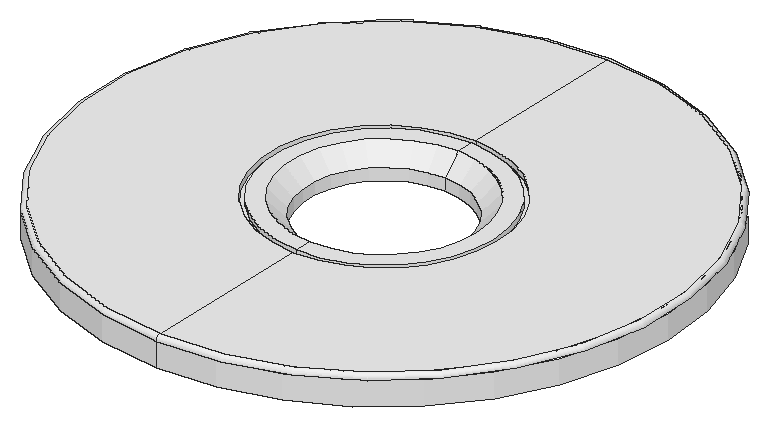
Revit family "Trim-Modern_Dots-Waterworks-Universal-Thermostatic_Valveq", category Plumbing Fixtures, host Face, Revit 2014
Parameters (values of type "NOT A TYPE - Load Type Catalog")
  Width = Height  # 0' - 3 3/4"
  Waste Connection = no
  Warranty = "http://www.waterworks.com/warranty"
  Version = "2014 - v1.0a"  # constant formula
  Vent Connection = no
  Two Way Diverter = if(Constraint = 1, 1 = 1, 1 = 0)  # yes
  Three Way Diverter = not(Two Way Diverter)  # no
  Support Phone = "(224) 699-9545"  # constant formula
  Support Email = "mailto:support@anguleris.com"
  Model SKU = if(and(Constraint = 1, ControlM = 1), "05-22928-42878", if(and(Constraint = 1, ControlM = 2), "05-36529-58078", if(and(Constraint = 1, ControlM = 3), "05-01338-41785", if(and(Constraint = 1, ControlM = 4), "05-19937-36672", if(and(Constraint = 1, ControlM = 5), "05-37655-42558", if(and(Constraint = 1, ControlM = 6), "05-09789-66498", if(and(Constraint = 1, ControlM = 7), "05-77762-57694", if(and(Constraint = 1, ControlM = 8), "05-06073-46610", if(and(Constraint = 1, ControlM = 9), "05-86456-21182", if(and(Constraint = 1, ControlM = 10), "05-69705-07265", if(and(Constraint = 1, ControlM = 11), "05-23391-97102", if(and(Constraint = 1, ControlM = 12), "05-39654-76002", if(and(Constraint = 1, ControlM = 13), "05-16015-99898", if(and(Constraint = 1, ControlM = 14), "05-23788-55453", if(and(Constraint = 1, ControlM = 15), "05-95064-94585", if(and(Constraint = 1, ControlM = 16), "05-02148-62719", if(and(Constraint = 2, ControlM = 1), "05-97624-32459", if(and(Constraint = 2, ControlM = 2), "05-24403-44214", if(and(Constraint = 2, ControlM = 3), "05-26782-24273", if(and(Constraint = 2, ControlM = 4), "05-42249-10130", if(and(Constraint = 2, ControlM = 5), "05-16267-54630", if(and(Constraint = 2, ControlM = 6), "05-61901-60749", if(and(Constraint = 2, ControlM = 7), "05-28288-44779", if(and(Constraint = 2, ControlM = 8), "05-28626-16723", if(and(Constraint = 2, ControlM = 9), "05-66451-82811", if(and(Constraint = 2, ControlM = 10), "05-37432-92778", if(and(Constraint = 2, ControlM = 11), "05-60743-83830", if(and(Constraint = 2, ControlM = 12), "05-32332-66926", if(and(Constraint = 2, ControlM = 13), "05-24296-38095", if(and(Constraint = 2, ControlM = 14), "05-04033-72635", if(and(Constraint = 2, ControlM = 15), "05-59559-48970", if(and(Constraint = 2, ControlM = 16), "05-36514-94431", "Not Available"))))))))))))))))))))))))))))))))  # "05-22928-42878"
  Manufacturer Email = "mailto:acallanan@waterworks.com"
  Length = 0' - 0 3/16"  # constant formula
  Height = 0' - 3 3/4"  # constant formula
  Keynote = "22 40 00"
  URL = "http://www.waterworks.com/"
  Product Page URL = "http://www.waterworks.com/universal-two-way-diverter-valve-trim-for-thermostatic-with-modern-dots-un2tm1"
  Product Name = if(and(Constraint = 1, ControlM = 1), "Universal Two Way Diverter Valve Trim for Thermostatic in Antique Brass", if(and(Constraint = 1, ControlM = 2), "Universal Two Way Diverter Valve Trim for Thermostatic in Antique Copper", if(and(Constraint = 1, ControlM = 3), "Universal Two Way Diverter Valve Trim for Thermostatic in Architectural Bronze", if(and(Constraint = 1, ControlM = 4), "Universal Two Way Diverter Valve Trim for Thermostatic in Burnished Brass", if(and(Constraint = 1, ControlM = 5), "Universal Two Way Diverter Valve Trim for Thermostatic in Burnished Nickel", if(and(Constraint = 1, ControlM = 6), "Universal Two Way Diverter Valve Trim for Thermostatic in Carbon", if(and(Constraint = 1, ControlM = 7), "Universal Two Way Diverter Valve Trim for Thermostatic in Chrome", if(and(Constraint = 1, ControlM = 8), "Universal Two Way Diverter Valve Trim for Thermostatic in Gold", if(and(Constraint = 1, ControlM = 9), "Universal Two Way Diverter Valve Trim for Thermostatic in Matte Gold", if(and(Constraint = 1, ControlM = 10), "Universal Two Way Diverter Valve Trim for Thermostatic in Matte Nickel", if(and(Constraint = 1, ControlM = 11), "Universal Two Way Diverter Valve Trim for Thermostatic in Nickel", if(and(Constraint = 1, ControlM = 12), "Universal Two Way Diverter Valve Trim for Thermostatic in Pewter", if(and(Constraint = 1, ControlM = 13), "Universal Two Way Diverter Valve Trim for Thermostatic in Shiny Copper", if(and(Constraint = 1, ControlM = 14), "Universal Two Way Diverter Valve Trim for Thermostatic in Sovereign", if(and(Constraint = 1, ControlM = 15), "Universal Two Way Diverter Valve Trim for Thermostatic in Unlacquered Brass", if(and(Constraint = 1, ControlM = 16), "Universal Two Way Diverter Valve Trim for Thermostatic in Vintage Brass", if(and(Constraint = 2, ControlM = 1), "Universal Three Way Diverter Valve Trim for Thermostatic in Antique Brass", if(and(Constraint = 2, ControlM = 2), "Universal Three Way Diverter Valve Trim for Thermostatic in Antique Copper", if(and(Constraint = 2, ControlM = 3), "Universal Three Way Diverter Valve Trim for Thermostatic in Architectural Bronze", if(and(Constraint = 2, ControlM = 4), "Universal Three Way Diverter Valve Trim for Thermostatic in Burnished Brass", if(and(Constraint = 2, ControlM = 5), "Universal Three Way Diverter Valve Trim for Thermostatic in Burnished Nickel", if(and(Constraint = 2, ControlM = 6), "Universal Three Way Diverter Valve Trim for Thermostatic in Carbon", if(and(Constraint = 2, ControlM = 7), "Universal Three Way Diverter Valve Trim for Thermostatic in Chrome", if(and(Constraint = 2, ControlM = 8), "Universal Three Way Diverter Valve Trim for Thermostatic in Gold", if(and(Constraint = 2, ControlM = 9), "Universal Three Way Diverter Valve Trim for Thermostatic in Matte Gold", if(and(Constraint = 2, ControlM = 10), "Universal Three Way Diverter Valve Trim for Thermostatic in Matte Nickel", if(and(Constraint = 2, ControlM = 11), "Universal Three Way Diverter Valve Trim for Thermostatic in Nickel", if(and(Constraint = 2, ControlM = 12), "Universal Three Way Diverter Valve Trim for Thermostatic in Pewter", if(and(Constraint = 2, ControlM = 13), "Universal Three Way Diverter Valve Trim for Thermostatic in Shiny Copper", if(and(Constraint = 2, ControlM = 14), "Universal Three Way Diverter Valve Trim for Thermostatic in Sovereign", if(and(Constraint = 2, ControlM = 15), "Universal Three Way Diverter Valve Trim for Thermostatic in Unlacquered Brass", if(and(Constraint = 2, ControlM = 16), "Universal Three Way Diverter Valve Trim for Thermostatic in Vintage Brass", "Not Available"))))))))))))))))))))))))))))))))  # "Universal Two Way Diverter Valve Trim for Thermostatic in Antique Brass"
  Product Documentation Link = "http://assets.waterworks.com/wasset/82/original/47282.pdf?_ga=1.13830327.1801506264.1487002180"
  Model = if(Constraint = 1, "UN2TM1", if(Constraint = 2, "UN3TM1", "Not Available"))  # "UN2TM1"
  Material = ""
  Manufacturer Phone Number = "(203)546-6201"  # constant formula
  Manufacturer Address = "60 Backus Avenue, Danbury, CT 06810"  # constant formula
  Manufacturer = "Waterworks"  # constant formula
  HW Connection = no
  Finish = Metal - Waterworks - Chrome
  Description = if(and(Constraint = 1, ControlM = 1), "Universal Two Way Diverter Valve Trim for Thermostatic in Antique Brass", if(and(Constraint = 1, ControlM = 2), "Universal Two Way Diverter Valve Trim for Thermostatic in Antique Copper", if(and(Constraint = 1, ControlM = 3), "Universal Two Way Diverter Valve Trim for Thermostatic in Architectural Bronze", if(and(Constraint = 1, ControlM = 4), "Universal Two Way Diverter Valve Trim for Thermostatic in Burnished Brass", if(and(Constraint = 1, ControlM = 5), "Universal Two Way Diverter Valve Trim for Thermostatic in Burnished Nickel", if(and(Constraint = 1, ControlM = 6), "Universal Two Way Diverter Valve Trim for Thermostatic in Carbon", if(and(Constraint = 1, ControlM = 7), "Universal Two Way Diverter Valve Trim for Thermostatic in Chrome", if(and(Constraint = 1, ControlM = 8), "Universal Two Way Diverter Valve Trim for Thermostatic in Gold", if(and(Constraint = 1, ControlM = 9), "Universal Two Way Diverter Valve Trim for Thermostatic in Matte Gold", if(and(Constraint = 1, ControlM = 10), "Universal Two Way Diverter Valve Trim for Thermostatic in Matte Nickel", if(and(Constraint = 1, ControlM = 11), "Universal Two Way Diverter Valve Trim for Thermostatic in Nickel", if(and(Constraint = 1, ControlM = 12), "Universal Two Way Diverter Valve Trim for Thermostatic in Pewter", if(and(Constraint = 1, ControlM = 13), "Universal Two Way Diverter Valve Trim for Thermostatic in Shiny Copper", if(and(Constraint = 1, ControlM = 14), "Universal Two Way Diverter Valve Trim for Thermostatic in Sovereign", if(and(Constraint = 1, ControlM = 15), "Universal Two Way Diverter Valve Trim for Thermostatic in Unlacquered Brass", if(and(Constraint = 1, ControlM = 16), "Universal Two Way Diverter Valve Trim for Thermostatic in Vintage Brass", if(and(Constraint = 2, ControlM = 1), "Universal Three Way Diverter Valve Trim for Thermostatic in Antique Brass", if(and(Constraint = 2, ControlM = 2), "Universal Three Way Diverter Valve Trim for Thermostatic in Antique Copper", if(and(Constraint = 2, ControlM = 3), "Universal Three Way Diverter Valve Trim for Thermostatic in Architectural Bronze", if(and(Constraint = 2, ControlM = 4), "Universal Three Way Diverter Valve Trim for Thermostatic in Burnished Brass", if(and(Constraint = 2, ControlM = 5), "Universal Three Way Diverter Valve Trim for Thermostatic in Burnished Nickel", if(and(Constraint = 2, ControlM = 6), "Universal Three Way Diverter Valve Trim for Thermostatic in Carbon", if(and(Constraint = 2, ControlM = 7), "Universal Three Way Diverter Valve Trim for Thermostatic in Chrome", if(and(Constraint = 2, ControlM = 8), "Universal Three Way Diverter Valve Trim for Thermostatic in Gold", if(and(Constraint = 2, ControlM = 9), "Universal Three Way Diverter Valve Trim for Thermostatic in Matte Gold", if(and(Constraint = 2, ControlM = 10), "Universal Three Way Diverter Valve Trim for Thermostatic in Matte Nickel", if(and(Constraint = 2, ControlM = 11), "Universal Three Way Diverter Valve Trim for Thermostatic in Nickel", if(and(Constraint = 2, ControlM = 12), "Universal Three Way Diverter Valve Trim for Thermostatic in Pewter", if(and(Constraint = 2, ControlM = 13), "Universal Three Way Diverter Valve Trim for Thermostatic in Shiny Copper", if(and(Constraint = 2, ControlM = 14), "Universal Three Way Diverter Valve Trim for Thermostatic in Sovereign", if(and(Constraint = 2, ControlM = 15), "Universal Three Way Diverter Valve Trim for Thermostatic in Unlacquered Brass", if(and(Constraint = 2, ControlM = 16), "Universal Three Way Diverter Valve Trim for Thermostatic in Vintage Brass", "Not Available"))))))))))))))))))))))))))))))))  # "Universal Two Way Diverter Valve Trim for Thermostatic in Antique Brass"
  Default Elevation = 3' - 0"
  Copyright = "@2017 Waterworks Operating Company LLC. All rights reserved"  # constant formula
  ControlM = 1
  Constraint = 1
  CW Connection = no
  Assembly Code = "C1030200"
Reference planes (in)
  plane 1 "Center (Front/Back)": y = 0
  plane 2 "Back": z = 0
  plane 3 "Center (Left/Right)": x = 0
  plane 4 "Front": z = 0.1875
  plane 5: y = 1.875
  plane 6: y = -1.875
  plane 7: x = -1.875
  plane 8: x = 1.875
  plane 9: x = -0.5
  plane 10: x = 0.5
Forms (in)
  Revolve 1, solid, material "Metal - Waterworks - Chrome" <- "Finish"
    sketch origin (0, 0, 0) x (0, 1, 0) y (0, 0, 1)
      loop
        line (1.875, 0) -> (1.875, 0.15625)
        arc (1.875, 0.15625) -> (1.86585, 0.17835) -> (1.84375, 0.1875) r 0.03125
        line (1.84375, 0.1875) -> (0.75, 0.1875) -> (0.75, 0.15625) -> (0.71875, 0.15625) -> (0.71875, 0.1875) -> (0.60937, 0.1875) -> (0.5, 0.07812) -> (0.5, 0) -> (1.875, 0)
      axis (0, 0.1875) -> (0, 0)
    angle from 0 to 360
Lines and regions (in)
  Masking region 1
    outline origin (0, 1.1875, 3.625) x (0, 0, -1) y (-1, 0, 0)
      loop
        arc (3.4375, -1.84375) -> (3.44665, -1.86585) -> (3.46875, -1.875) r 0.03125
        line (3.46875, -1.875) -> (3.625, -1.875) -> (3.625, 1.875) -> (3.46875, 1.875)
        arc (3.46875, 1.875) -> (3.44665, 1.86585) -> (3.4375, 1.84375) r 0.03125
        line (3.4375, 1.84375) -> (3.4375, -1.84375)
  model lines, visible <- "Two Way Diverter"
    curve 1: circle (0, -1.56227, 0.1875) r 0.12477 normal (0, 0, 1)
    curve 2: circle (0, -1.56227, 0.1875) r 0.09352 normal (0, 0, 1)
    curve 3: circle (-1.59375, 0, 0.1875) r 0.03125 normal (0, 0, 1)
    curve 4: circle (1.59375, 0, 0.1875) r 0.03125 normal (0, 0, -1)
  model lines, visible <- "Three Way Diverter"
    curve 5: circle (0, 1.59375, 0.1875) r 0.03125 normal (0, 0, 1)
Dimensions and locks (in)
  "Length": plane 4 "Front" to plane 2 "Back"
  equal spacing: plane 7, plane 3 "Center (Left/Right)", plane 8
  "Width": plane 7 to plane 8
  equal spacing: plane 6, plane 1 "Center (Front/Back)", plane 5
  "Height": plane 6 to plane 5
  Revolve 1 sketch curve to Revolve 1 sketch curve to Revolve 1 sketch curve to Revolve 1 sketch curve to plane 1 "Center (Front/Back)" = 0' - 0 1/32" locked, 0' - 0 7/64" locked, 0' - 0 7/64" locked, 0' - 0 1/2" locked
  locked: plane 5 to Revolve 1 sketch curve at 0.03125
  plane 4 "Front" to Revolve 1 sketch curve to Revolve 1 sketch curve = 0' - 0 1/32" locked, 0' - 0 5/64" locked
  plane 6 to curve 1 to curve 2 to curve 2 to curve 1 = 0' - 0.18796" locked, 0' - 0 1/32" locked, 0' - 0.09352" locked, 0' - 0" locked
  plane 7 to curve 3 to curve 3 = 0' - 0 1/4" locked, 0' - 0 1/32" locked
  curve 4 to curve 4 to plane 8 = 0' - 0 1/32" locked, 0' - 0 1/4" locked
  curve 5 to curve 5 to plane 5 = 0' - 0 1/32" locked, 0' - 0 1/4" locked
  locked: plane 8 to Masking region 1 sketch curve at 0.03125
  locked: Masking region 1 sketch curve to plane 7 at 0.03125
  Masking region 1 sketch curve to Masking region 1 sketch curve to plane 4 "Front" = 0' - 0" locked, 0' - 0 1/32" locked
  equal spacing: plane 9, plane 3 "Center (Left/Right)", plane 10, locked at 0.5 each
  aligned and locked: host face to plane 2 "Back"
  aligned and locked: level to host face
  aligned and locked: Revolve 1 sketch curve to plane 1 "Center (Front/Back)"
  aligned and locked: Revolve 1 sketch curve to plane 5
  aligned and locked: Revolve 1 sketch curve to plane 2 "Back"
  aligned and locked: plane 4 "Front" to Revolve 1 sketch curve
  aligned and locked: Revolve 1 sketch curve to plane 4 "Front"
  aligned and locked: plane 3 "Center (Left/Right)" to curve 2
  aligned and locked: plane 3 "Center (Left/Right)" to curve 1
  aligned and locked: plane 1 "Center (Front/Back)" to curve 3
  aligned and locked: plane 1 "Center (Front/Back)" to curve 4
  aligned and locked: Masking region 1 sketch curve to plane 8
  aligned and locked: plane 2 "Back" to Masking region 1 sketch curve
  aligned and locked: plane 7 to Masking region 1 sketch curve
  aligned and locked: Masking region 1 sketch curve to plane 4 "Front"
Automatic sketch dimensions
  host sketch curve to host sketch curve = 6' - 0"  (x2)
  Revolve 1 sketch curve to level = 1' - 0"
  plane 4 "Front" to Revolve 1 sketch curve = 0' - 11 13/16"
  curve 5 to plane 3 "Center (Left/Right)" = 0' - 0"
